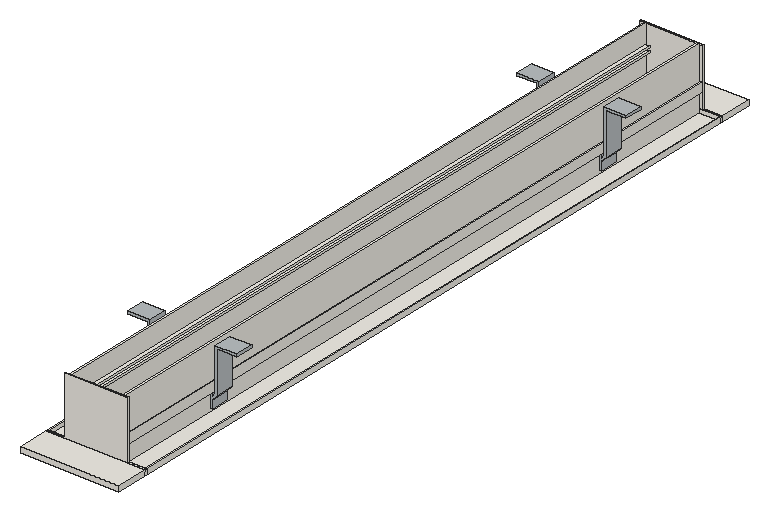
Revit family "NLRS_57_AIR_UN_linear-ceiling-grill-stxdxOx-no-plenum_supply_LT_sacs", category Air Terminals, Revit 2021
Family settings
  Round Connector Dimension = Use Diameter
  Part Type = Normal
  Work Plane-Based = No
  Always vertical = Yes
  Cut with Voids When Loaded = No
  Shared = No
  Room Calculation Point = No
Parameters (values of type "1 slot")
  URL = "https://solid-air.nl/producten/solid-air-lijnrooster-stad-stbd-srod/"
  Type Comments = "Grill without plenum"  # constant formula
  Swap_Endcap [instance] = no
  Slots (1-4) [instance] = SACS_Base_Index * SACS_Dummy  # 1
  SACS_Type_Mark [instance] = ""
  SACS_Standard_Color [instance] = yes
  SACS_Show_Symbol [instance] = yes
  SACS_Option_7 [instance] = if([Slots (1-4)] < 2, "Single slot", if([Slots (1-4)] = 2, "2 slots", if([Slots (1-4)] = 3, "3 slots", "4 slots")))  # "Single slot"
  SACS_Option_6 [instance] = if([Brackets (0-3)] = 1, "A = Grill bracket A", if([Brackets (0-3)] = 2, "C = Plenum bracket C - not coded!", if([Brackets (0-3)] > 2, "D = Ceiling bracket D", "O = None")))  # "A = Grill bracket A"
  SACS_Option_5_Value [instance] = if([Brackets (0-3)] = 1, 1, if([Brackets (0-3)] = 2, 2, if([Brackets (0-3)] = 3, 3, 5)))  # 1
  SACS_Option_5 [instance] = "O = No plenum"  # constant formula
  SACS_Option_4 [instance] = if([Endcaps (0-3)] < 1, "A = None", if([Endcaps (0-3)] = 1, "B = One endcap", if([Endcaps (0-3)] = 2, "C = Two endcaps", "D = Two flat endcaps")))  # "C = Two endcaps"
  SACS_Option_3 [instance] = "D = Ceiling mounted"  # constant formula
  SACS_Option_2 [instance] = if([Pattern blades (1-2)] < 2, "B = Single blade", "A = Double blade")  # "A = Double blade"
  SACS_Option_1 [instance] = "ST"  # constant formula
  SACS_Model [instance] = if(SACS_Existing_Product, size_lookup(SACS_Data_Hidden, "Model", "NB", NLRS_C_lengte, SACS_Index1, SACS_Index2, SACS_Index3, SACS_Index4), size_lookup(SACS_Data_Hidden, "Model", "NB", 0 mm, SACS_Index1, SACS_Index2, SACS_Index3, SACS_Index4))  # "STADCOA 600-1"
  SACS_Index4 [instance] = if([Brackets (0-3)] < 1, 4, if([Brackets (0-3)] = 1, 0, if([Brackets (0-3)] = 2, 4, 3))) * 1 mm  # 0 mm
  SACS_Index3 [instance] = if([Endcaps (0-3)] < 1, 0, if([Endcaps (0-3)] > 2, 3, [Endcaps (0-3)])) * 1 mm  # 2 mm
  SACS_Index2 [instance] = if([Pattern blades (1-2)] < 2, 1 mm, 0 mm)  # 0 mm
  SACS_Index1 [instance] = if([Slots (1-4)] < 2, 1 mm, if([Slots (1-4)] = 2, 2 mm, if([Slots (1-4)] = 3, 3 mm, 4 mm)))  # 1 mm
  SACS_Face_Color [instance] = NLRS_57_anodised aluminium_RAL9010_gen_sacs
  SACS_Existing_Product [instance] = not(size_lookup(SACS_Data_Hidden, "L_Grill", 0 mm, NLRS_C_lengte, SACS_Index1, SACS_Index2, SACS_Index3, SACS_Index4) = 0 mm)  # yes
  SACS_Dummy = 1  # constant formula
  SACS_Data_Hidden = "STxDxOx"  # constant formula
  SACS_Custom_Color [instance] = ""
  SACS_Color_Ral [instance] = yes
  SACS_Color [instance] = if(SACS_Standard_Color, "RAL9010", SACS_Custom_Color)  # "RAL9010"
  SACS_Base_Index = 1
  SACS_Article_Code [instance] = if(SACS_Standard_Color, size_lookup(SACS_Data_Hidden, "ArticleCode", "NB", NLRS_C_lengte, SACS_Index1, SACS_Index2, SACS_Index3, SACS_Index4), "NB")  # "NB"
  SA-Select [instance] = "https://selectietool.solid-air.nl/Dashboard/CPMDashPage/Show/7"
  Pattern blades (1-2) [instance] = 2
  NLRS_C_model [instance] = SACS_Model  # "STADCOA 600-1"
  NLRS_C_materiaal_kleur [instance] = SACS_Color  # "RAL9010"
  NLRS_C_lengte [instance] = 600 mm
  NLRS_C_gtin_code [instance] = if(SACS_Standard_Color, size_lookup(SACS_Data_Hidden, "GTIN", "NB", NLRS_C_lengte, SACS_Index1, SACS_Index2, SACS_Index3, SACS_Index4), "NB")  # "NB"
  NLRS_C_description = Description  # "Solid Air Lineair Grill"
  NLRS_C_content_versie = "2.21.01"  # constant formula
  NLRS_C_content_provider = "Solid Air Climate Solutions"  # constant formula
  NLRS_C_content_datum_gewijzigd = "29-02-2024"  # constant formula
  NLRS_C_content_creator = "J.Feeke"  # constant formula
  NLRS_C_breedte [instance] = if([Brackets (0-3)] > 2, 65 mm, 52 mm) + (SACS_Base_Index - 1) * 43.3 mm  # 52 mm
  Model = "ST linear grill, no plenum"  # constant formula
  Min Flow = 0.0 L/s
  Max Flow = 0.0 L/s
  Manufacturer = "Solid Air Climate Solutions"  # constant formula
  Endcaps (0-3) [instance] = 2
  Description = "Solid Air Lineair Grill"  # constant formula
  Default Elevation = 2700 mm
  Brackets (0-3) [instance] = 1
  Assembly Code = "57.00"
Types (5, lengths in mm): name | Slots (1-4) | SACS_Option_7 | SACS_Model | SACS_Index1 | SACS_Base_Index | SACS_Article_Code | NLRS_C_model | NLRS_C_breedte
  (no name) | 1 | "Single slot" | "STADCOA 600-1" | 1 | 1 | "NB" | "STADCOA 600-1" | 52
  1 slot | 1 | "Single slot" | "STADCOA 600-1" | 1 | 1 | "NB" | "STADCOA 600-1" | 52
  2 slot | 2 | "2 slots" | "STADCOA 600-2" | 2 | 2 | "8101004527" | "STADCOA 600-2" | 95.3
  3 slot | 3 | "3 slots" | "STADCOA 600-3" | 3 | 3 | "8101004526" | "STADCOA 600-3" | 138.6
  4 slot | 4 | "4 slots" | "STADCOA 600-4" | 4 | 4 | "NB" | "STADCOA 600-4" | 181.9
Reference planes
  plane 1 "Center (Front/Back)": y = 0
  plane 2: z = 0
  plane 3 "Center (Left/Right)": x = 0
  plane 4: y = 300
  plane 5: y = -300
  plane 6: x = -26
  plane 7: x = 26
Lines and regions (mm)
  model lines, visible <- "SACS_Show_Symbol", detail levels coarse
    curve 1: line (-26, 300, 0) -> (26, 300, 0)
    curve 2: line (-26, -300, 0) -> (-26, 300, 0)
    curve 3: line (26, -300, 0) -> (-26, -300, 0)
    curve 4: line (26, 300, 0) -> (26, -300, 0)
    curve 5: line (-26, 300, 0) -> (26, -300, 0)
    curve 6: line (-26, -300, 0) -> (26, 300, 0)
Dimensions and locks
  equal spacing: plane 5, plane 1 "Center (Front/Back)", plane 4
  "NLRS_C_lengte": plane 5 to plane 4
  equal spacing: plane 6, plane 3 "Center (Left/Right)", plane 7
  "NLRS_C_breedte": plane 6 to plane 7
  locked: nested 2 to plane 6 at 6.875
  locked: nested 2 to plane 4 at 16.25
  aligned and locked: level to plane 2
  aligned and locked: plane 1 "Center (Front/Back)" to nested 1
  aligned and locked: plane 3 "Center (Left/Right)" to nested 1
  aligned and locked: curve 2 to plane 6
  aligned and locked: plane 4 to curve 1
  aligned and locked: curve 3 to plane 5
  aligned and locked: plane 7 to curve 4
Nested families
  nested 1: "SxDxxx" at (0, 0, -4.5), type "SxDxxx", detail levels medium+fine
    with SACS_Array_End 400 mm, SACS_Array_Count 2, SACS_Array_Base 100 mm
  nested 2: "logo_SACS" at (-32.875, 283.75, -3) x (0, 1, 0) z (0, 0, 1), type "logo_SACS"
    with t 4 mm
Definition of nested family "SxDxxx"
  Parameters (values of type "SxDxxx")
    dummy = 1  # constant formula
    Swap_Endcap = no
    Slots (1-4) = 1
    Single_Slot = [Slots (1-4)] = 2  # no
    Safe_count = if([Slots (1-4)] < 3, 2, [Slots (1-4)] - 1)  # 2
    SACS_Width2 = (if([Slots (1-4)] < 2, 1, [Slots (1-4)])) * 43.3 mm  # 43.3 mm
    SACS_Real_Length = (L - 10 mm) * dummy  # 590 mm
    SACS_Array_End [instance] = SACS_Array_Base * SACS_Array_Count * 2  # 400 mm
    SACS_Array_Count [instance] = if(L > 600 mm, if(L - (rounddown(L / 600 mm) * 600 mm) = 0 mm, rounddown(L / 600 mm), rounddown(L / 600 mm) + 1), 2)  # 2
    SACS_Array_Base [instance] = L / (SACS_Array_Count + 1) / 2  # 100 mm
    Multiple_slot = [Slots (1-4)] > 2  # no
    Material = none
    L = 600 mm
    Flat_Front = or(Endplate_Front, [Endcaps (0-3)] = 3)  # yes
    Flat_Back = or(Endplate_Back, [Endcaps (0-3)] = 3)  # yes
    Endplate_Front = or(and([Endcaps (0-3)] > 1, [Endcaps (0-3)] < 3), and([Endcaps (0-3)] = 1, not(Swap_Endcap)))  # yes
    Endplate_Back = or(and([Endcaps (0-3)] > 1, [Endcaps (0-3)] < 3), and([Endcaps (0-3)] = 1, Swap_Endcap))  # yes
    Endcaps (0-3) = 2
    Description = "ST grill with brackets"  # constant formula
    Default Elevation = 2700 mm
    D = 125 mm
    Ceiling = 5 mm
    Brackets (0-4) = 1
  Reference planes
    plane 1 "Center (Front/Back)": y = 0
    plane 2: z = 0
    plane 3 "Center (Left/Right)": x = 0
    plane 4: y = 300
    plane 5: y = -300
    plane 6: y = 295
    plane 7: y = -295
    plane 8: y = -200
    plane 9: y = 200
    plane 10: x = -21.65
    plane 11 "first_midprofile": x = 21.65
    plane 12 "second midprofile": x = 64.95
    plane 13: z = 4.5
    plane 14: z = 52
    plane 15: z = 35.05
    plane 16: z = 32.55
    plane 17: z = 31.05
    plane 18: z = 36.55
    plane 19: z = 25.6
    plane 20: z = 22.1
    plane 21: z = 20.6
    plane 22: z = 17.6
    plane 23: x = -17.65
    plane 24: x = -25.95
    plane 25: x = -40.6
    plane 26: x = -9.6
    plane 27: x = 21.65
    plane 28: x = 17.65
    plane 29: x = 25.95
    plane 30: x = 40.6
    plane 31: x = 9.6
    plane 32: z = 1.5
    plane 33: x = -39.6
    plane 34: x = 39.6
    plane 35: x = -24.95
    plane 36: x = -22.4
    plane 37: x = -20.9
    plane 38: x = 22.4
    plane 39: x = 20.9
    plane 40: x = 24.95
    plane 41: y = -323.5
    plane 42: y = 323.5
    plane 43: y = -296.5
    plane 44: y = 296.5
  Forms (mm)
    Extrusion 1, solid, material <- "Material", detail levels medium+fine
      sketch origin (0, 0, 0) x (1, 0, 0) y (0, 0, 1)
        loop
          line (-20.9, 52) -> (-22.4, 52) -> (-22.4, 22.1) -> (-24.95, 22.1) -> (-24.95, 25.6) -> (-25.95, 25.6) -> (-25.95, 17.6) -> (-24.95, 17.6) -> (-24.95, 20.6) -> (-22.4, 20.6) -> (-22.4, 1.5) -> (-39.6, 1.5) -> (-39.6, 4.5) -> (-40.6, 4.5) -> (-40.6, 0) -> (-9.6, 0) -> (-9.6, 1.5) -> (-20.9, 1.5) -> (-20.9, 31.05) -> (-17.65, 31.05) -> (-17.65, 32.55) -> (-20.9, 32.55) -> (-20.9, 35.05) -> (-17.65, 35.05) -> (-17.65, 36.55) -> (-20.9, 36.55) -> (-20.9, 52)
        loop
          line (9.6, 1.5) -> (9.6, 0) -> (40.6, 0) -> (40.6, 4.5) -> (39.6, 4.5) -> (39.6, 1.5) -> (22.4, 1.5) -> (22.4, 20.6) -> (24.95, 20.6) -> (24.95, 17.6) -> (25.95, 17.6) -> (25.95, 25.6) -> (24.95, 25.6) -> (24.95, 22.1) -> (22.4, 22.1) -> (22.4, 52) -> (20.9, 52) -> (20.9, 36.55) -> (17.65, 36.55) -> (17.65, 35.05) -> (20.9, 35.05) -> (20.9, 32.55) -> (17.65, 32.55) -> (17.65, 31.05) -> (20.9, 31.05) -> (20.9, 1.5) -> (9.6, 1.5)
      from -295 to 295
    Extrusion 2, solid, material <- "Material", visible <- "Endplate_Front", detail levels medium+fine
      sketch origin (0, 0, 0) x (1, 0, 0) y (0, 1, 0)
        loop
          line (-40.6, -295) -> (-40.6, -323.5) -> (40.6, -323.5) -> (40.6, -295) -> (-40.6, -295)
      from 0 to 4.5
    Extrusion 3, solid, material <- "Material", visible <- "Endplate_Back", detail levels medium+fine
      sketch origin (0, 0, 0) x (1, 0, 0) y (0, 1, 0)
        loop
          line (-40.6, 323.5) -> (-40.6, 295) -> (40.6, 295) -> (40.6, 323.5) -> (-40.6, 323.5)
      from 0 to 4.5
    Extrusion 4, solid, material <- "Material", visible <- "Flat_Front", detail levels medium+fine
      sketch origin (0, 0, 0) x (1, 0, 0) y (0, 0, 1)
        loop
          line (-25.95, 52) -> (-25.95, 4.5) -> (-40.6, 4.5) -> (-40.6, 0) -> (40.6, 0) -> (40.6, 4.5) -> (25.95, 4.5) -> (25.95, 52) -> (-25.95, 52)
      from 295 to 296.5
    Extrusion 5, solid, material <- "Material", visible <- "Flat_Back", detail levels medium+fine
      sketch origin (0, 0, 0) x (1, 0, 0) y (0, 0, 1)
        loop
          line (-25.95, 52) -> (-25.95, 4.5) -> (-40.6, 4.5) -> (-40.6, 0) -> (40.6, 0) -> (40.6, 4.5) -> (25.95, 4.5) -> (25.95, 52) -> (-25.95, 52)
      from -296.5 to -295
    Extrusion 6, solid, not visible
      sketch origin (-525.994, -297.937, 0) x (1, 0, 0) y (0, 1, 0)
        loop
          arc (545.644, 299.937) -> (543.644, 297.937) -> (545.644, 295.937) r 2
          line (545.644, 295.937) -> (545.644, 297.937) -> (547.644, 295.937) -> (547.644, 297.937) -> (545.644, 299.937)
      from 0 to 2
    Extrusion 7, solid, not visible
      sketch origin (21.65, 0, 0) x (1, 0, 0) y (0, 1, 0)
        loop
          arc (2, -2) -> (4, 0) -> (2, 2) r 2
          line (2, 2) -> (2, 0) -> (0, 2) -> (0, 0) -> (2, -2)
      from 0 to 2
  Dimensions and locks
    equal spacing: plane 4, plane 1 "Center (Front/Back)", plane 5
    "L": plane 4 to plane 5
    equal spacing: plane 6, plane 1 "Center (Front/Back)", plane 7
    "SACS_Real_Length": plane 6 to plane 7
    "SACS_Array_Base": plane 8 to plane 5
    "SACS_Array_End": plane 9 to plane 8
    plane 10 to plane 3 "Center (Left/Right)" = 21.65 mm
    locked: plane 12 "second midprofile" to plane 11 "first_midprofile" at 43.3
    locked: plane 10 to plane 11 "first_midprofile" at 43.3
    locked: plane 13 to plane 2 at 4.5
    locked: plane 14 to plane 2 at 52
    plane 14 to plane 18 to plane 15 to plane 16 to plane 17 = 15.45 mm locked, 1.5 mm, 2.5 mm locked, 1.5 mm
    plane 26 to plane 10 to plane 25 = 12.05 mm locked, 18.95 mm locked
    plane 23 to plane 10 to plane 24 = 4 mm locked, 4.3 mm locked
    plane 31 to plane 27 to plane 30 = 12.05 mm locked, 18.95 mm locked
    plane 28 to plane 27 to plane 29 = 4 mm locked, 4.3 mm locked
    equal spacing: plane 10, plane 3 "Center (Left/Right)", plane 27
    "SACS_Width2": plane 10 to plane 27
    locked: plane 19 to plane 20 at 3.5
    locked: plane 20 to plane 21 at 1.5
    locked: plane 21 to plane 22 at 3
    locked: plane 22 to plane 2 at 17.6
    locked: plane 33 to plane 25 at 1
    plane 32 to plane 2 = 1.5 mm
    locked: plane 35 to plane 24 at 1
    locked: plane 37 to plane 10 at 0.75
    locked: plane 10 to plane 36 at 0.75
    locked: plane 27 to plane 39 at 0.75
    locked: plane 38 to plane 27 at 0.75
    locked: plane 34 to plane 30 at 1
    locked: plane 40 to plane 29 at 1
    group 1 to group 2 = 43.3 mm
    group 1 to group 2 = 0 mm  (x2)
    locked: plane 7 to plane 41 at 28.5
    locked: plane 6 to plane 42 at 28.5
    locked: plane 7 to plane 43 at 1.5
    locked: plane 44 to plane 6 at 1.5
    group 3 to group 4 = 0 mm  (x2)
    group 3 to group 4 = 400 mm
    aligned and locked: level to plane 2
    aligned and locked: plane 1 "Center (Front/Back)" to nested 1
    aligned and locked: plane 3 "Center (Left/Right)" to nested 1
    aligned and locked: Extrusion 1 sketch curve to plane 37
    aligned and locked: plane 37 to Extrusion 1 sketch curve  (x2)
    aligned and locked: Extrusion 1 sketch curve to plane 36
    aligned and locked: plane 36 to Extrusion 1 sketch curve
    aligned and locked: Extrusion 1 sketch curve to plane 14
    aligned and locked: plane 18 to Extrusion 1 sketch curve
    aligned and locked: Extrusion 1 sketch curve to plane 15
    aligned and locked: plane 16 to Extrusion 1 sketch curve
    aligned and locked: Extrusion 1 sketch curve to plane 17
    aligned and locked: Extrusion 1 sketch curve to plane 19
    aligned and locked: plane 22 to Extrusion 1 sketch curve
    aligned and locked: Extrusion 1 sketch curve to plane 20
    aligned and locked: plane 21 to Extrusion 1 sketch curve
    aligned and locked: Extrusion 1 sketch curve to plane 24
    aligned and locked: plane 35 to Extrusion 1 sketch curve
    aligned and locked: Extrusion 1 sketch curve to plane 35
    aligned and locked: Extrusion 1 sketch curve to plane 23  (x2)
    aligned and locked: Extrusion 1 sketch curve to plane 32
    aligned and locked: plane 32 to Extrusion 1 sketch curve  (x3)
    aligned and locked: plane 33 to Extrusion 1 sketch curve
    aligned and locked: plane 13 to Extrusion 1 sketch curve
    aligned and locked: Extrusion 1 sketch curve to plane 25
    aligned and locked: Extrusion 1 sketch curve to plane 2  (x2)
    aligned and locked: Extrusion 1 sketch curve to plane 30
    aligned and locked: plane 31 to Extrusion 1 sketch curve
    aligned and locked: plane 39 to Extrusion 1 sketch curve
    aligned and locked: Extrusion 1 sketch curve to plane 39
    aligned and locked: plane 14 to Extrusion 1 sketch curve
    aligned and locked: Extrusion 1 sketch curve to plane 38
    aligned and locked: plane 38 to Extrusion 1 sketch curve
    aligned and locked: Extrusion 1 sketch curve to plane 22
    aligned and locked: plane 19 to Extrusion 1 sketch curve
    aligned and locked: plane 29 to Extrusion 1 sketch curve
    aligned and locked: plane 28 to Extrusion 1 sketch curve  (x2)
    aligned and locked: Extrusion 1 sketch curve to plane 18
    aligned and locked: plane 15 to Extrusion 1 sketch curve
    aligned and locked: Extrusion 1 sketch curve to plane 16
    aligned and locked: plane 17 to Extrusion 1 sketch curve
    aligned and locked: Extrusion 1 sketch curve to plane 40  (x2)
    aligned and locked: plane 20 to Extrusion 1 sketch curve
    aligned and locked: Extrusion 1 sketch curve to plane 21
    aligned and locked: Extrusion 1 to plane 6
    aligned and locked: Extrusion 1 to plane 7
    aligned and locked: plane 11 "first_midprofile" to nested 2
    aligned and locked: plane 12 "second midprofile" to nested 3
    aligned and locked: Extrusion 2 to plane 25
    aligned and locked: Extrusion 2 sketch curve to plane 25
    aligned and locked: Extrusion 2 sketch curve to plane 7
    aligned and locked: Extrusion 2 sketch curve to plane 41
    aligned and locked: Extrusion 2 sketch curve to plane 30
    aligned and locked: Extrusion 2 to plane 2
    aligned and locked: plane 13 to Extrusion 2
    aligned and locked: Extrusion 3 sketch curve to plane 6
    aligned and locked: plane 25 to Extrusion 3 sketch curve
    aligned and locked: plane 30 to Extrusion 3 sketch curve
    aligned and locked: plane 42 to Extrusion 3 sketch curve
    aligned and locked: Extrusion 3 to plane 2
    aligned and locked: plane 13 to Extrusion 3
    aligned and locked: Extrusion 4 sketch curve to plane 14
    aligned and locked: Extrusion 4 sketch curve to plane 29
    aligned and locked: plane 13 to Extrusion 4 sketch curve  (x2)
    aligned and locked: Extrusion 4 sketch curve to plane 30
    aligned and locked: Extrusion 4 sketch curve to plane 24
    aligned and locked: Extrusion 4 sketch curve to plane 25
    aligned and locked: Extrusion 4 sketch curve to plane 2
    aligned and locked: Extrusion 4 to plane 7
    aligned and locked: Extrusion 4 to plane 43
    aligned and locked: Extrusion 5 to plane 6
    aligned and locked: Extrusion 5 to plane 44
    aligned and locked: Extrusion 5 sketch curve to plane 24
    aligned and locked: Extrusion 5 sketch curve to plane 29
    aligned and locked: Extrusion 5 sketch curve to plane 25
    aligned and locked: Extrusion 5 sketch curve to plane 2
    aligned and locked: plane 13 to Extrusion 5 sketch curve  (x2)
    aligned and locked: Extrusion 5 sketch curve to plane 30
    aligned and locked: Extrusion 5 sketch curve to plane 14
    aligned and locked: nested 4 to plane 8
    aligned and locked: nested 5 to plane 9
  Automatic sketch dimensions
    Extrusion 1 sketch curve to plane 26 = 0 mm
    plane 39 to Extrusion 1 sketch curve = 0 mm
    Extrusion 1 sketch curve to plane 13 = 0 mm
    plane 34 to Extrusion 1 sketch curve = 0 mm
    plane 33 to Extrusion 6 sketch curve = 59.25 mm
    Extrusion 6 sketch curve to Extrusion 6 sketch curve = 2 mm  (x3)
    Extrusion 6 sketch curve to plane 6 = 297 mm
    Extrusion 6 sketch curve to Extrusion 6 sketch curve = 0 mm  (x2)
    plane 33 to Extrusion 7 sketch curve = 61.25 mm
    Extrusion 7 sketch curve to Extrusion 7 sketch curve = 2 mm  (x2)
    Extrusion 7 sketch curve to plane 6 = 297 mm
    Extrusion 7 sketch curve to Extrusion 7 sketch curve = 0 mm  (x3)
  Nested families
    nested 1: "midprofile" at (0, 0, 0), visible <- "Single_Slot", type "midprofile", detail levels medium+fine
    nested 2: "midprofile" at (21.65, 0, 0), visible <- "Multiple_slot", type "midprofile", detail levels medium+fine
    nested 3: "midprofile" at (64.95, 0, 0), visible <- "Multiple_slot", type "midprofile", detail levels medium+fine
    nested 4: "bracket" at (0, -200, 0), type "bracket"
    nested 5: "bracket" at (0, 200, 0), type "bracket"
  Definition of nested family "midprofile"
    Parameters (values of type "midprofile")
      Material = none
      Draw_Length = 590 mm
      Description = "midprofile line diffusers"  # constant formula
      Default Elevation = 0 mm
    Reference planes
      plane 1 "Center (Front/Back)": y = 0
      plane 2: z = 0
      plane 3 "Center (Left/Right)": x = 0
      plane 4: y = 295
      plane 5: y = -295
      plane 6: x = -12
      plane 7: x = 12
      plane 8: x = -0.75
      plane 9: x = 0.75
      plane 10: z = 1.5
      plane 11: z = 30.3
    Forms (mm)
      Extrusion 1, solid, material <- "Material", detail levels medium+fine
        sketch origin (0, 0, 0) x (1, 0, 0) y (0, 0, 1)
          loop
            line (-0.75, 30.3) -> (-0.75, 1.5) -> (-12, 1.5) -> (-12, 0) -> (12, 0) -> (12, 1.5) -> (0.75, 1.5) -> (0.75, 30.3) -> (-0.75, 30.3)
        from -295 to 295
      Extrusion 2, solid, not visible
        sketch origin (-547.644, -297.937, 0) x (1, 0, 0) y (0, 1, 0)
          loop
            arc (545.644, 299.937) -> (543.644, 297.937) -> (545.644, 295.937) r 2
            line (545.644, 295.937) -> (545.644, 297.937) -> (547.644, 295.937) -> (547.644, 297.937) -> (545.644, 299.937)
        from 0 to 2
      Extrusion 3, solid, not visible
        sketch origin (0, 0, 0) x (1, 0, 0) y (0, 1, 0)
          loop
            arc (2, -2) -> (4, 0) -> (2, 2) r 2
            line (2, 2) -> (2, 0) -> (0, 2) -> (0, 0) -> (2, -2)
        from 0 to 2
    Dimensions and locks
      equal spacing: plane 4, plane 1 "Center (Front/Back)", plane 5
      "Draw_Length": plane 4 to plane 5
      locked: plane 10 to plane 2 at 1.5
      equal spacing: plane 9, plane 3 "Center (Left/Right)", plane 8
      locked: plane 9 to plane 8 at 1.5
      equal spacing: plane 7, plane 3 "Center (Left/Right)", plane 6
      locked: plane 7 to plane 6 at 24
      locked: plane 11 to plane 2 at 30.3
      aligned and locked: level to plane 2
      aligned and locked: plane 8 to Extrusion 1 sketch curve
      aligned and locked: Extrusion 1 sketch curve to plane 9
      aligned and locked: Extrusion 1 sketch curve to plane 11
      aligned and locked: Extrusion 1 sketch curve to plane 7
      aligned and locked: plane 6 to Extrusion 1 sketch curve
      aligned and locked: Extrusion 1 sketch curve to plane 10  (x2)
      aligned and locked: plane 2 to Extrusion 1 sketch curve
      aligned and locked: plane 4 to Extrusion 1
      aligned and locked: Extrusion 1 to plane 5
    Automatic sketch dimensions
      Extrusion 2 sketch curve to plane 7 = 14 mm
      Extrusion 2 sketch curve to Extrusion 2 sketch curve = 2 mm  (x3)
      plane 1 "Center (Front/Back)" to Extrusion 2 sketch curve = 2 mm
      Extrusion 2 sketch curve to Extrusion 2 sketch curve = 0 mm  (x2)
      Extrusion 3 sketch curve to plane 7 = 12 mm
      Extrusion 3 sketch curve to Extrusion 3 sketch curve = 2 mm  (x2)
      plane 1 "Center (Front/Back)" to Extrusion 3 sketch curve = 2 mm
      Extrusion 3 sketch curve to Extrusion 3 sketch curve = 0 mm  (x3)
  Definition of nested family "bracket"
    Parameters (values of type "bracket")
      slots = 1
      count = if(slots < 1, 0, (slots - 1)) * Dummy  # 0
      Type_D = Bracket = 4  # no
      Type_CD = or(Type_C, Type_D)  # no
      Type_C = Bracket = 3  # no
      Type_B = Bracket = 2  # no
      Type_A = Bracket = 1  # yes
      Material = none
      Dummy = 1  # constant formula
      Diameter = 125 mm
      Default Elevation = 0 mm
      Ceiling = 5 mm
      Bracket = 1
    Reference planes
      plane 1 "Center (Front/Back)": y = 0
      plane 2: z = 0
      plane 3 "Center (Left/Right)": x = 0
      plane 4: y = 7.5
      plane 5: y = -7.5
    Forms (mm)
      Sweep 1, solid, material <- "Material", visible <- "Type_A", detail levels medium+fine
        path in 3D
          loop
            line (0, 7.5, 32.8) -> (0, -7.5, 32.8)
        profile "Profile_A : Profile_A" origin (0, 0, 32.8) x (0, 0, -1) y (1, 0, 0)
          loop
            line (-17.25, 44.75) -> (-19.25, 44.75) -> (-19.25, 26.85) -> (16.42, 26.85) -> (18.67, 24.6) -> (12.3, 24.6) -> (12.3, 22.6) -> (28.25, 22.6) -> (28.25, 24.6) -> (21.5, 24.6) -> (17.25, 28.85) -> (-17.25, 28.85) -> (-17.25, 44.75)
          loop
            line (-17.25, -44.75) -> (-17.25, -28.85) -> (17.25, -28.85) -> (21.5, -24.6) -> (28.25, -24.6) -> (28.25, -22.6) -> (12.3, -22.6) -> (12.3, -24.6) -> (18.67, -24.6) -> (16.42, -26.85) -> (-19.25, -26.85) -> (-19.25, -44.75) -> (-17.25, -44.75)
      Sweep 2, solid, material <- "Material", visible <- "Type_B", detail levels medium+fine
        path in 3D
          loop
            line (0, 7.5, 32.8) -> (0, -7.5, 32.8)
        profile "Profile_B : Profile_B" origin (0, 0, 32.8) x (0, 0, -1) y (1, 0, 0)
          loop
            line (-216.75, 56.4) -> (-216.75, 24.4) -> (-184.75, 24.4) -> (-184.75, 26.4) -> (-214.75, 26.4) -> (-214.75, 56.4) -> (-216.75, 56.4)
          loop
            line (-216.75, -56.4) -> (-214.75, -56.4) -> (-214.75, -26.4) -> (-184.75, -26.4) -> (-184.75, -24.4) -> (-216.75, -24.4) -> (-216.75, -56.4)
      Sweep 3, solid, material <- "Material", visible <- "Type_CD", detail levels medium+fine
        path in 3D
          loop
            line (0, 7.5, 32.8) -> (0, -7.5, 32.8)
        profile "Profile_CD : Profile_CD" origin (0, 0, 32.8) x (0, 0, -1) y (1, 0, 0)
          loop
            line (-40.7, 25) -> (-40.7, -25) -> (18.3, -30.5) -> (18.3, -28.5) -> (-38.7, -23.55) -> (-38.7, 23.55) -> (18.3, 28.5) -> (18.3, 30.5) -> (-40.7, 25)
          loop
            arc (-25, -8.5) -> (-24.298, -10.428) -> (-22.521, -11.454) r 3
            line (-22.521, -11.454) -> (-2.826, -14.925)
            arc (-2.826, -14.925) -> (-2.234, -15.267) -> (-2, -15.91) r 1
            line (-2, -15.91) -> (-2, -20.5) -> (0, -20.5) -> (0, -15.91)
            arc (0, -15.91) -> (-0.702, -13.982) -> (-2.479, -12.956) r 3
            line (-2.479, -12.956) -> (-22.174, -9.485)
            arc (-22.174, -9.485) -> (-22.766, -9.143) -> (-23, -8.5) r 1
            line (-23, -8.5) -> (-23, 8.5)
            arc (-23, 8.5) -> (-22.766, 9.143) -> (-22.174, 9.485) r 1
            line (-22.174, 9.485) -> (-2.479, 12.956)
            arc (-2.479, 12.956) -> (-0.702, 13.982) -> (0, 15.91) r 3
            line (0, 15.91) -> (0, 20.5) -> (-2, 20.5) -> (-2, 15.91)
            arc (-2, 15.91) -> (-2.234, 15.267) -> (-2.826, 14.925) r 1
            line (-2.826, 14.925) -> (-22.521, 11.454)
            arc (-22.521, 11.454) -> (-24.298, 10.428) -> (-25, 8.5) r 3
            line (-25, 8.5) -> (-25, -8.5)
      Extrusion 4, solid, not visible
        sketch origin (-547.644, -297.937, 0) x (1, 0, 0) y (0, 1, 0)
          loop
            arc (545.644, 299.937) -> (543.644, 297.937) -> (545.644, 295.937) r 2
            line (545.644, 295.937) -> (545.644, 297.937) -> (547.644, 295.937) -> (547.644, 297.937) -> (545.644, 299.937)
        from 0 to 2
      Extrusion 5, solid, not visible
        sketch origin (0, 0, 0) x (1, 0, 0) y (0, 1, 0)
          loop
            arc (2, -2) -> (4, 0) -> (2, 2) r 2
            line (2, 2) -> (2, 0) -> (0, 2) -> (0, 0) -> (2, -2)
        from 0 to 2
    Lines and regions (mm)
      model lines, not visible
        curve 1: line (0, 7.5, 32.8) -> (0, -7.5, 32.8)
      sketch lines
        curve 2: line (0, 7.5, 32.8) -> (0, -7.5, 32.8)
        curve 3: line (0, 7.5, 32.8) -> (0, -7.5, 32.8)
        curve 4: line (0, 7.5, 32.8) -> (0, -7.5, 32.8)
    Dimensions and locks
      equal spacing: plane 5, plane 1 "Center (Front/Back)", plane 4
      locked: plane 4 to plane 5 at 15
      locked: plane 2 to curve 1 at 32.8
      aligned and locked: level to plane 2
      aligned and locked: plane 5 to curve 1
      aligned and locked: plane 4 to curve 1
    Automatic sketch dimensions
      plane 1 "Center (Front/Back)" to Extrusion 4 sketch curve = 0 mm  (x3)
      Extrusion 4 sketch curve to plane 3 "Center (Left/Right)" = 0 mm
      Extrusion 4 sketch curve to plane 3 "Center (Left/Right)" = 2 mm
      Extrusion 4 sketch curve to Extrusion 4 sketch curve = 2 mm  (x2)
      plane 1 "Center (Front/Back)" to Extrusion 5 sketch curve = 0 mm  (x3)
      Extrusion 5 sketch curve to plane 3 "Center (Left/Right)" = 0 mm
      Extrusion 5 sketch curve to Extrusion 5 sketch curve = 2 mm  (x2)
      Extrusion 5 sketch curve to Extrusion 5 sketch curve = 0 mm
Definition of nested family "logo_SACS"
  Parameters (values of type "logo_SACS")
    t = 2 mm
    Model = "LOD 400"
    Description = "Model type"
    Default Elevation = 1219.2 mm
  Reference planes
    plane 1 "Center (Front/Back)": y = 0
    plane 2: z = 0
    plane 3 "Center (Left/Right)": x = 0
    plane 4: z = 2
    plane 5: x = -4
    plane 6: y = -2
    plane 7: y = 2
    plane 8: x = -2
    plane 9: x = 2
    plane 10: x = 4
  Forms (mm)
    Extrusion 1, solid
      sketch origin (-547.644, -297.937, 0) x (1, 0, 0) y (0, 1, 0)
        loop
          arc (545.644, 299.937) -> (543.644, 297.937) -> (545.644, 295.937) r 2
          line (545.644, 295.937) -> (545.644, 297.937) -> (547.644, 295.937) -> (547.644, 297.937) -> (545.644, 299.937)
      from 0 to 2
    Extrusion 2, solid
      sketch origin (0, 0, 0) x (1, 0, 0) y (0, 1, 0)
        loop
          arc (2, -2) -> (4, 0) -> (2, 2) r 2
          line (2, 2) -> (2, 0) -> (0, 2) -> (0, 0) -> (2, -2)
      from 0 to 2
  Dimensions and locks
    "t": plane 7 to plane 1 "Center (Front/Back)"
    "t": plane 6 to plane 1 "Center (Front/Back)"
    "t": plane 5 to plane 8
    "t": plane 8 to plane 3 "Center (Left/Right)"
    "t": plane 3 "Center (Left/Right)" to plane 9
    "t": plane 9 to plane 10
    aligned and locked: level to plane 2
    aligned and locked: plane 4 to Extrusion 1
  Automatic sketch dimensions
    plane 1 "Center (Front/Back)" to Extrusion 1 sketch curve = 0 mm  (x3)
    Extrusion 1 sketch curve to plane 8 = 0 mm
    Extrusion 1 sketch curve to plane 7 = 0 mm
    Extrusion 1 sketch curve to plane 3 "Center (Left/Right)" = 0 mm
    Extrusion 1 sketch curve to plane 6 = 0 mm
    Extrusion 2 sketch curve to plane 3 "Center (Left/Right)" = 0 mm
    plane 1 "Center (Front/Back)" to Extrusion 2 sketch curve = 0 mm  (x3)
    Extrusion 2 sketch curve to plane 6 = 0 mm
    Extrusion 2 sketch curve to plane 9 = 0 mm
    Extrusion 2 sketch curve to plane 7 = 0 mm
